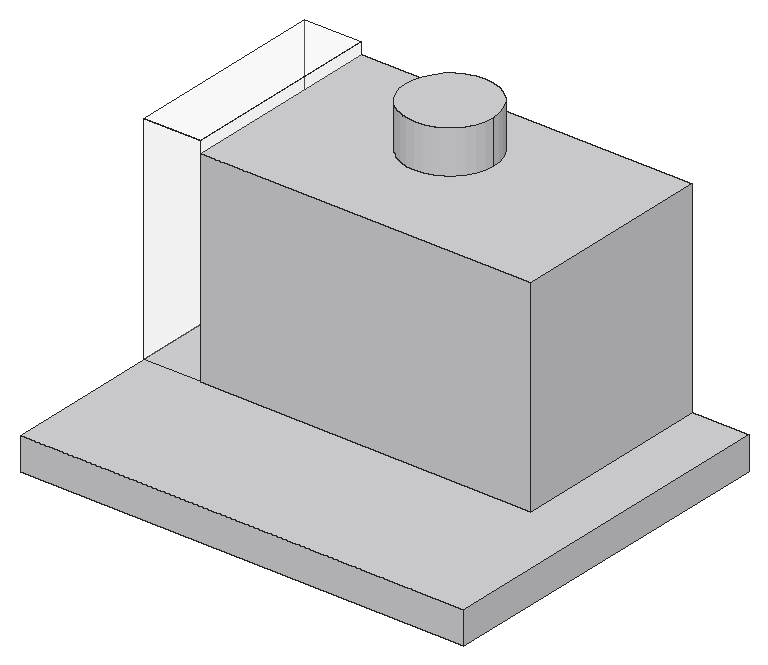
Revit family "v-754_904fr2_60Hz", category 機械設備, Revit 2019
Family settings
  丸型コネクタ寸法 = 直径を使用
  パーツ タイプ = 標準
  OmniClass 番号 = 23.75.35.17.27
  OmniClass タイトル = Centrifugal Fans
  作業面ベース = いいえ
  常に垂直 = はい
  ロード時にボイドで切り取り = いいえ
  共有 = いいえ
  部屋計算ポイント = いいえ
Parameters (values of type "V-754FR2")
  騒音レベル(dB(A)) = 45
  風量 = 490.0 m³/h
  電源種別 [instance] = ""
  電圧 = 100 V
  電動機出力 = 0 W
  電動機_種別 [instance] = ""
  集中コントローラ = ""
  運転質量 = 0.00 kg
  連動 [instance] = ""
  質量 = if(製品質量 > 運転質量, 製品質量, 運転質量) * 1.2  # 33.60 kg
  負荷分類 = 3_ファン類
  説明 = "レンジフードファン フラット形"
  設計風量 = 0.0 m³/h
  設置方法 = "天吊"
  記号 [instance] = ""
  製造元 = "三菱電機株式会社"
  製品質量 = 28.00 kg
  製品出荷対象 = "国内"
  製品リリース年月 = "2022年6月1日"
  製品グループ = ""
  系統 [instance] = ""
  符号 = if(☑給気／□排気, "FS", "FE")  # "FE"
  積算_科目 = "2 換気設備"
  積算_拾い区分 [instance] = ""
  相 = 1
  盤記号 [instance] = ""
  発停方法 [instance] = ""
  特殊仕様 [instance] = ""
  火災停止 [instance] = ""
  消費電力 = 110 W
  法定耐用年数 = "15"
  機外静圧_排気 = 210.0 Pa
  機外静圧 = 0.0 Pa
  極数 = 2
  材質 [instance] = ""
  操作・制御方式 = ""
  操作・制御スイッチ = ""
  排気量 = 0.0 m³/h
  形式 = "片吸込形"
  幹線記号 [instance] = ""
  対象室 [instance] = ""
  実風量 = 0.0 m³/h
  始動方式 [instance] = "直入"
  外気量 = 0.0 m³/h
  呼称 = "遠心送風機"
  周波数 = 60 Hz
  参照している仕様書等のバージョン = ""
  分類コード = "50052503100060"
  分類グループ = ""
  価格 = 172500
  企業コード = "108420"
  付属品_フィルター_還気 = ""
  付属品_フィルター = ""
  付属品 [instance] = ""
  仕様書バージョン = "Version1.0"
  モデル = "V-754FR2"
  メンテナンススペース_高さ = 365 mm
  メンテナンススペース = yes
  マテリアル = 鋼板(シルバー)
  ファンの種類 = ""
  ダクト径 = 150 mm
  コメント [instance] = ""
  Keynote = ""
  Assembly Code = ""
  ☑給気／□排気 = no
  Width = 557 mm
  W2 = W1 / 2  # 374.5 mm
  W1 = 749 mm
  Version = ""
  Uniclass2015Version = "Systems v1.9"
  Uniclass2015Title = "Centrifugal fans"
  Uniclass2015Code = "Pr_65_67_29_12"
  URL = "https://www.mitsubishielectric.co.jp/ldg/wink/ssl/displayProduct.do?pid=320927"
  SpecificationReference = ""
  SpecificationDescription = ""
  Revision = ""
  ProductInformation = ""
  OmniClassCode = "23-33 31 19 13 15"
  MIN風量 = 130.0 m³/h
  MIN静圧 = 0.0 Pa
  MID風量 = 300.0 m³/h
  MID静圧 = 0.0 Pa
  MAX風量 = 490.0 m³/h
  MAX静圧 = 0.0 Pa
  IfcTypeProduct = ""
  IfcProduct = ""
  IfcExportType = "CENTRIFUGALFORWARDCURVED"
  IfcExportAs = "IfcFanType"
  Height = 346 mm
  H1 = 55 mm
  EAサイズ_D = 148 mm
  Duct_Height = 73 mm
  Duct_D = 125 mm
  Duct_W = 29.7 mm
  Depth = 340 mm
  D1 = 600 mm
  Clearance Top = 0 mm
  Clearance Right = 0 mm
  Clearance Left = 0 mm
  Clearance Front = 0 mm
  Clearance Bottom = 0 mm
  Clearance Back = 0 mm
  Author = "三菱電機株式会社"
Types (2, lengths in mm): name | 質量 | 製品質量 | 価格 | モデル | W2 | W1 | URL
  V-754FR2 | 33.60 kg | 28.00 kg | 172500 | "V-754FR2" | 374.5 | 749 | "https://www.mitsubishielectric.co.jp/ldg/wink/ssl/displayProduct.do?pid=320927"
  V-904FR2 | 36.00 kg | 30.00 kg | 197100 | "V-904FR2" | 449.5 | 899 | "https://www.mitsubishielectric.co.jp/ldg/wink/ssl/displayProduct.do?pid=320691"
Reference planes
  plane 1 "中心(正面/背面)": y = 0
  plane 2: z = 0
  plane 3 "中心(左/右)": x = 0
  plane 4: x = -374.5
  plane 5: x = 374.5
  plane 6: y = -600
  plane 7: z = -401
  plane 8: x = -374.5
  plane 9: z = -346
  plane 10: z = 19
  plane 11: y = -340
  plane 12: x = -278.5
  plane 13: x = 278.5
  plane 14: x = -29.7
  plane 15: y = -125
  plane 16: z = 73
  plane 17: y = 0
  plane 18: y = -340
  plane 19: y = -300
  plane 20: z = -346
  plane 21: x = -187.25
  plane 22: x = 187.25
Forms (mm)
  Extrusion 1, solid, material "鋼板(シルバー)" <- "マテリアル", detail levels fine
    sketch origin (0, 0, 0) x (1, 0, 0) y (0, 1, 0)
      loop
        line (-374.5, 0) -> (-374.5, -600) -> (374.5, -600) -> (374.5, 0) -> (-374.5, 0)
    from -346 to -401
  Extrusion 2, solid, material "鋼板(シルバー)" <- "マテリアル"
    sketch origin (0, 0, 0) x (1, 0, 0) y (0, 1, 0)
      loop
        line (-278.5, 0) -> (-278.5, -340) -> (278.5, -340) -> (278.5, 0) -> (-278.5, 0)
    from -346 to 0
  Extrusion 3, solid, material "鋼板(シルバー)" <- "マテリアル"
    sketch origin (0, 0, 0) x (1, 0, 0) y (0, 1, 0)
      loop
        circle (-29.7, -125) r 74
    from 0 to 73
Lines and regions (mm)
  Masking region 1, detail levels coarse+medium
    outline origin (1326.5, 29, 0) x (1, 0, 0) y (0, 1, 0)
      loop
        line (-1701, -29) -> (-1701, -629) -> (-952, -629) -> (-952, -29) -> (-1701, -29)
  symbolic lines, detail levels coarse+medium
    curve 1: circle (-187.25, -300, 0) r 187.25 normal (0, 0, 1)
    curve 2: circle (187.25, -300, 0) r 187.25 normal (0, 0, 1)
Dimensions and locks
  equal spacing: plane 4, plane 3 "中心(左/右)", plane 5
  "Clearance Left": plane 8 to plane 4
  equal spacing: plane 12, plane 3 "中心(左/右)", plane 13
  "Duct_W": plane 14 to plane 3 "中心(左/右)"
  "Clearance Front": plane 11 to plane 18
  equal spacing: plane 6, plane 19, plane 1 "中心(正面/背面)"
  "D1": plane 6 to plane 1 "中心(正面/背面)"
  "Depth": plane 11 to plane 1 "中心(正面/背面)"
  "Clearance Back": plane 17 to plane 1 "中心(正面/背面)"
  "Duct_D": plane 1 "中心(正面/背面)" to plane 15
  "H1": plane 20 to plane 7
  "Height": level to plane 20
  "Duct_Height": plane 16 to level
  "Clearance Bottom": plane 20 to plane 9
  "メンテナンススペース_高さ": plane 10 to plane 20
  equal spacing: plane 3 "中心(左/右)", plane 22, plane 5
  "W1": plane 4 to plane 5
  "Width": plane 12 to plane 13
  equal spacing: plane 4, plane 21, plane 3 "中心(左/右)"
  "EAサイズ_D": diameter of Extrusion 3 sketch curve
  "W2": diameter of curve 1
  "W2": diameter of curve 2
  aligned and locked: level to plane 2
  aligned and locked: Extrusion 1 to plane 7
  aligned and locked: plane 8 to nested 1
  aligned and locked: Masking region 1 to plane 4
  aligned and locked: plane 5 to Masking region 1
  aligned and locked: Masking region 1 to plane 6
  aligned and locked: plane 9 to nested 1
  aligned and locked: plane 10 to nested 1
  aligned and locked: plane 12 to Extrusion 2 sketch curve
  aligned and locked: plane 11 to Extrusion 2 sketch curve
  aligned and locked: Extrusion 2 sketch curve to plane 13
  aligned and locked: plane 16 to Extrusion 3
  aligned and locked: plane 12 to nested 1
  aligned and locked: nested 1 to plane 17
  aligned and locked: nested 1 to plane 18
  aligned and locked: Masking region 1 to plane 1 "中心(正面/背面)"
  aligned and locked: Extrusion 1 to plane 1 "中心(正面/背面)"
  aligned and locked: Extrusion 2 to plane 1 "中心(正面/背面)"
  aligned and locked: level to Extrusion 2
  aligned and locked: Extrusion 2 to plane 20
  aligned and locked: plane 20 to Extrusion 1
  aligned and locked: Extrusion 3 to level
Automatic sketch dimensions
  Extrusion 1 sketch curve to plane 4 = 0 mm
  Extrusion 1 sketch curve to plane 5 = 0 mm
  Extrusion 1 sketch curve to plane 6 = 0 mm
  Masking region 1 sketch curve to plane 4 = 0 mm
  Masking region 1 sketch curve to plane 5 = 0 mm
  Masking region 1 sketch curve to plane 6 = 0 mm
  Extrusion 3 sketch curve to plane 14 = 0 mm
  Extrusion 3 sketch curve to plane 15 = 0 mm
  plane 1 "中心(正面/背面)" to Extrusion 2 sketch curve = 0 mm
  plane 1 "中心(正面/背面)" to Extrusion 1 sketch curve = 0 mm
  plane 1 "中心(正面/背面)" to Masking region 1 sketch curve = 0 mm
  curve 1 to plane 19 = 0 mm
  curve 1 to plane 21 = 0 mm
  curve 2 to plane 19 = 0 mm
  curve 2 to plane 22 = 0 mm
Nested families
  nested 1: "メンテナンススペース" at (-326.5, -170, -163.5), visible <- "メンテナンススペース", type "メンテナンススペース"
    with Width 96 mm, Height 365 mm, Depth 340 mm
Connectors
  hvac at (-29.7, -125, 73), driven by "ダクト径", driven by "機外静圧", driven by "風量"
    settings: on Extrusion 3, index 1, duct flow 490.0 m³/h, flow factor 0, pres drop 0.0 Pa, loss coef 0, conn angle 0.00°, conn width 304.8 mm, conn height 304.8 mm, conn diameter 150 mm, duct sys type 3, conn prof type 0, flow config 0, flow direction 2, loss method 4, conn ref index -1, conn util no, is conn primary yes, conn desc ""
  electrical at (0, -170, 0), driven by "極数", driven by "負荷分類", driven by "電圧", driven by "消費電力"
    settings: on Extrusion 2, index 2, voltage 100 V, apparent load 110 VA, apparent load phase1 0 VA, apparent load phase2 0 VA, apparent load phase3 0 VA, power factor 1, load classification "3_ファン類", number of poles 2, system type 30, power factor state 1, is connector primary yes, connector utility no, sub classification motor no, connector description ""
Definition of nested family "メンテナンススペース"
  Parameters (values of type "メンテナンススペース")
    Width [instance] = 500 mm
    Height [instance] = 500 mm
    Depth [instance] = 500 mm
  Reference planes
    plane 1 "中心(正面/背面)": y = 0
    plane 2: z = 0
    plane 3 "中心(左/右)": x = 0
    plane 4: y = -250
    plane 5: x = 250
    plane 6: y = 250
    plane 7: x = -250
    plane 8: z = 250
    plane 9: z = -250
  Forms (mm)
    Extrusion 1, solid
      sketch origin (-638.939, 0, 72.39) x (1, 0, 0) y (0, 1, 0)
        loop
          line (388.939, 250) -> (388.939, -250) -> (888.939, -250) -> (888.939, 250) -> (388.939, 250)
      from -322.39 to 177.61
  Lines and regions (mm)
    symbolic lines
      curve 1: line (-250, 0, 250) -> (250, 0, 250)
      curve 2: line (-250, 0, -250) -> (-250, 0, 250)
      curve 3: line (250, 0, -250) -> (-250, 0, -250)
      curve 4: line (250, 0, 250) -> (250, 0, -250)
      curve 5: line (0, -250, 250) -> (0, 250, 250)
      curve 6: line (0, -250, -250) -> (0, -250, 250)
      curve 7: line (0, 250, -250) -> (0, -250, -250)
      curve 8: line (0, 250, 250) -> (0, 250, -250)
      curve 9: line (-250, 250, 0) -> (250, 250, 0)
      curve 10: line (-250, -250, 0) -> (-250, 250, 0)
      curve 11: line (250, -250, 0) -> (-250, -250, 0)
      curve 12: line (250, 250, 0) -> (250, -250, 0)
  Dimensions and locks
    equal spacing: plane 7, plane 3 "中心(左/右)", plane 5
    equal spacing: plane 4, plane 1 "中心(正面/背面)", plane 6
    "Depth": plane 4 to plane 6
    "Width": plane 7 to plane 5
    equal spacing: plane 8, plane 2, plane 9
    "Height": plane 8 to plane 9
    aligned and locked: plane 9 to curve 3
    aligned and locked: plane 7 to curve 2
    aligned and locked: curve 4 to plane 5
    aligned and locked: plane 5 to Extrusion 1
    aligned and locked: Extrusion 1 to plane 7
    aligned and locked: Extrusion 1 to plane 9
    aligned and locked: plane 8 to Extrusion 1
    aligned and locked: plane 9 to curve 7
  Automatic sketch dimensions
    plane 4 to Extrusion 1 sketch curve = 0 mm
    Extrusion 1 sketch curve to plane 7 = 0 mm
    Extrusion 1 sketch curve to plane 5 = 0 mm
    plane 6 to Extrusion 1 sketch curve = 0 mm
    curve 2 to plane 8 = 0 mm
    plane 4 to curve 11 = 0 mm
    curve 11 to plane 7 = 0 mm
    curve 11 to plane 5 = 0 mm
    plane 6 to curve 10 = 0 mm
    curve 7 to plane 4 = 0 mm
    curve 7 to plane 6 = 0 mm
    curve 6 to plane 8 = 0 mm
